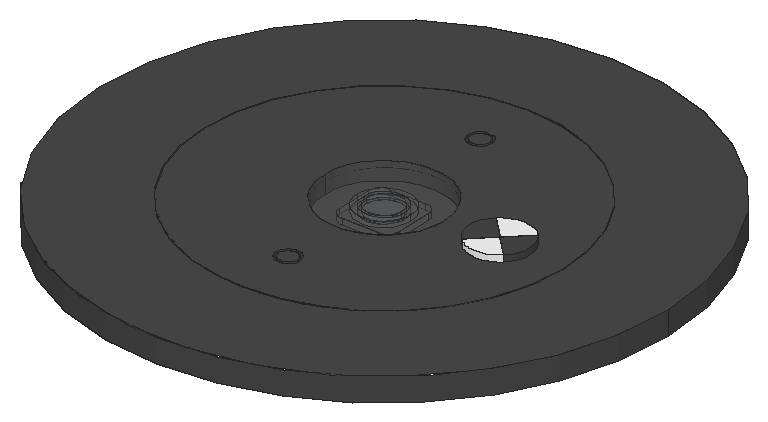
Revit family "Clevertronics_LIFELIGHT PRO RECESSED EMERGENCY_CIRCLE", category Lighting Fixtures, host Face, Revit 2020
Family settings
  Host = Face
  Round Connector Dimension = Use Diameter
  Part Type = Normal
  Cut with Voids When Loaded = No
  Light Source = Yes
  Shared = No
  Room Calculation Point = No
Parameters (values of type "CLIFE-4HR-BLK")
  calc_head radius [instance] = Clevertronics_Width / 2  # 30 mm
  calc_adaptor radius = Clevertronics_Width Adaptor / 2  # 47.5 mm
  Wattage = 2.06676 W
  built-in parameter 1150110 = 1 (stored number, unit not read)
  URL = "https://clevertronics.com.au/technical-documentation-search?combine=CLIFE-PRO-BLK"
  built-in parameter 1114217 = 1 (stored number, unit not read)
  Tilt Angle = -90.00°
  built-in parameter 1150109 = 1 (stored number, unit not read)
  built-in parameter 1150134 = (empty or 0)
  built-in parameter 1150113 = 1 (stored number, unit not read)
  Clevertronics_Width Adaptor = 95 mm  # constant formula
  Clevertronics_MIC Number = ""
  Clevertronics_Applicable Standards = "AS/NZS3820, CISPR15, AS/NZS2293.3"
  Clevertronics_Adaptor [instance] = yes
  Photometric Web File = "CLIFE-PRO _IESA_E_LL22009B_20190729.IES"
  Model = "CLIFE-4HR-BLK"
  Manufacturer = "Clevertronics"  # constant formula
  Manufacture_ANZRS = "Clevertronics"  # constant formula
  built-in parameter 1150105 = 307 (stored number, unit not read)
  Lumens = 307 lm
  built-in parameter 1150115 = 1 (stored number, unit not read)
  built-in parameter 1150137 = (empty or 0)
  built-in parameter 1150139 = (empty or 0)
  built-in parameter 1150112 = 1 (stored number, unit not read)
  built-in parameter 1150114 = 1 (stored number, unit not read)
  Lamp = "Dual LED (Lifetime warranty on the lamp head and loom assembly)"  # constant formula
  built-in parameter 1150132 = 2
  built-in parameter 1150102 = (empty or 0)
  built-in parameter 1150107 = 3000 (stored number, unit not read)
  built-in parameter 1150138 = (empty or 0)
  built-in parameter 1150106 = 3.07 (stored number, unit not read)
  Emit from Circle Diameter = 609.6 mm
  Emit Shape Visible in Rendering = no
  built-in parameter 1150104 = 13.8 (stored number, unit not read)
  Dimming Lamp Color Temperature Shift = <None>
  Description = ""
  Default Elevation = 1219.2 mm
  CreatedBy_ANZRS = ""
  Color Filter = 16777215
  Clevertronics_Width [instance] = 60 mm  # constant formula
  Clevertronics_Weight = "0.8kg"  # constant formula
  Clevertronics_Total Lumen Output = ""
  Clevertronics_Testing System = "CTP"
  Clevertronics_Testing Node = ""
  Clevertronics_Stacked Symbol Position [instance] = 1
  Clevertronics_Replacement Lamp = "8003081 LED: PCA: LLPRO HEAD Alum #CT10640-D4 - GW CSHPM 'LT'"  # constant formula
  Clevertronics_Replacement Driver = "CLIFE-PRO-CKIT-335"  # constant formula
  Clevertronics_Replacement Battery = "1550230 BATT:LP 3.2V 6400mAh.200mm lead.Brkt"  # constant formula
  Clevertronics_Product Description = "LP Premium Lifelight, High Performance, Recessed Emergency Light\r\nLP Premium Lifelight, High Performance, Recessed Emergency Light\r\nwith 4 Hour Emergency Operation"  # constant formula
  Clevertronics_Power Consumption = "0.7 Watts (Standby), 3.0 Watts (Max)"  # constant formula
  Clevertronics_Other Modules = ""
  Clevertronics_Operating Voltage = "240V AC; 50Hz"  # constant formula
  Clevertronics_Operating Temperature = "1˚C to 40˚C"  # constant formula
  Clevertronics_Operating Mode = "Non-maintained"  # constant formula
  Clevertronics_Mounting = "Recessed mount"  # constant formula
  Clevertronics_Material = Clevertronics_Plastic_Black
  Clevertronics_Inverter / Charger = ""
  Clevertronics_IP Rating = "IP20"  # constant formula
  Clevertronics_IK Rating = ""
  Clevertronics_Dimensions Main Enclosure = "232mm x 40mm x 40mm (Control pack)"  # constant formula
  Clevertronics_Dimensions LED Enclosure = "60mm head diameter (95mm with adaptor plate) "  # constant formula
  Clevertronics_Depth = 4 mm  # constant formula
  Clevertronics_Construction = "PC/ABS head"  # constant formula
  Clevertronics_Charger Method = "Intelligent current limited constant voltage"  # constant formula
  Clevertronics_Battery Type = "Lithium Iron Phosphate"  # constant formula
  Clevertronics_Battery = "3.2V 6400mAh"  # constant formula
  Clevertronics_Apparent Load = 240 VA * (3 / (1 * 240))  # 3 VA
  Clevertronics_Annotation Vertical Offset [instance] = 0 mm
  Clevertronics_Annotation Horizontal Offset [instance] = 0 mm
  Clevertronics_AS2293 Classification = "C0=D40 C90=D40"  # constant formula
  built-in parameter 1114218 = 1 (stored number, unit not read)
  built-in parameter 1150133 = 10 (stored number, unit not read)
Types (9, lengths in mm): name | URL | Clevertronics_MIC Number | Model | Description | Clevertronics_Testing System | Clevertronics_Testing Node | Clevertronics_Material
  (no name) | "https://clevertronics.com.au/technical-documentation-search?combine=CLIFE-PRO-BLK" | "" | "CLIFE-4HR-BLK" | "" | "CTP" | "" | Clevertronics_Plastic_Black
  CLIFE-HV-4HR-BLK | "https://clevertronics.com.au/technical-documentation-search?combine=CLIFE-PRO-BLK" | "AUD02810210001" | "CLIFE-HV-4HR-BLK" | "LP Premium Lifelight, High Performance, Recessed Emergency Light\r\nwith 4 Hour Emergency Operation, Black" | "Zoneworks XT HIVE (RF)" | "8003191" | Clevertronics_Plastic_Black
  CLIFE-HV-4HR | "https://clevertronics.com.au/emergency-lights/lifelight-recessed" | "AUD02810170001" | "CLIFE-HV-4HR" | "LP Premium Lifelight, High Performance, Recessed Emergency Light\r\nwith 4 Hour Emergency Operation" | "Zoneworks XT HIVE (RF)" | "8003191" | Clevertronics_Plastic_White
  CLIFE-DALI-4HR | "https://clevertronics.com.au/technical-documentation-search?combine=CLIFE-PRO-BLK" | "" | "CLIFE-DALI-4HR" | "" | "DALI" | "" | Clevertronics_Plastic_White
  CLIFE-4HR | "https://clevertronics.com.au/technical-documentation-search?combine=CLIFE-PRO-BLK" | "" | "CLIFE-4HR" | "" | "CTP" | "" | Clevertronics_Plastic_White
  CLIFE-ZW-4HR | "https://clevertronics.com.au/technical-documentation-search?combine=CLIFE-PRO-BLK" | "" | "CLIFE-ZW-4HR" | "" | "Zoneworks Powerline" | "" | Clevertronics_Plastic_White
  CLIFE-DALI-4HR-BLK | "https://clevertronics.com.au/technical-documentation-search?combine=CLIFE-PRO-BLK" | "" | "CLIFE-DALI-4HR-BLK" | "" | "DALI" | "" | Clevertronics_Plastic_Black
  CLIFE-4HR-BLK | "https://clevertronics.com.au/technical-documentation-search?combine=CLIFE-PRO-BLK" | "" | "CLIFE-4HR-BLK" | "" | "CTP" | "" | Clevertronics_Plastic_Black
  CLIFE-ZW-4HR-BLK | "https://clevertronics.com.au/technical-documentation-search?combine=CLIFE-PRO-BLK" | "" | "CLIFE-ZW-4HR-BLK" | "" | "Zoneworks Powerline" | "" | Clevertronics_Plastic_Black
Reference planes
  plane 1 "Center (Front/Back)": y = -67.559
  plane 2: z = 0
  plane 3 "Center (Left/Right)": x = 0
  plane 4: x = -30
  plane 5: x = 30
  plane 6: y = -37.559
  plane 7: y = -97.559
  plane 8: z = 4
Forms (mm)
  Extrusion 1, solid, material "Clevertronics_Plastic_Black" <- "Clevertronics_Material"
    sketch origin (0, 0, 0) x (1, 0, 0) y (0, 1, 0)
      loop
        circle (0, -67.559) r 30
    from 0 to 4
  Extrusion 2, void
    sketch origin (0, 0, 0) x (1, 0, 0) y (0, 1, 0)
      loop
        circle (0, -67.559) r 10
      loop
        circle (0, -87.559) r 2
      loop
        circle (0, -47.559) r 2
      loop
        circle (0, -47.559) r 1.5
      loop
        circle (0, -87.559) r 1.5
    from 1 to 4
  Extrusion 3, solid, material "Clevertronics_Frosted_Dark Blue"
    sketch origin (0, 0, 0) x (1, 0, 0) y (0, 1, 0)
      loop
        arc (-3, -62.559) -> (-4.414, -63.145) -> (-5, -64.559) r 2
        line (-5, -64.559) -> (-5, -70.559)
        arc (-5, -70.559) -> (-4.414, -71.973) -> (-3, -72.559) r 2
        line (-3, -72.559) -> (3, -72.559)
        arc (3, -72.559) -> (4.414, -71.973) -> (5, -70.559) r 2
        line (5, -70.559) -> (5, -64.559)
        arc (5, -64.559) -> (4.414, -63.145) -> (3, -62.559) r 2
        line (3, -62.559) -> (-3, -62.559)
    from 1 to 2
  Extrusion 4, solid, material "Clevertronics_Frosted_Dark Blue"
    sketch origin (0, 0, 0) x (1, 0, 0) y (0, 1, 0)
      loop
        circle (0, -67.559) r 3.5
      loop
        circle (0, -67.559) r 4.5
      loop
        circle (0, -67.559) r 3
    from 2 to 3
  Extrusion 5, solid, material "Clevertronics_Glass_Clear"
    sketch origin (0, 0, 0) x (1, 0, 0) y (0, 1, 0)
      loop
        circle (0, -67.559) r 10
    from 3 to 4
  Extrusion 6, solid, material "Clevertronics_Plastic_Black" <- "Clevertronics_Material", visible <- "Clevertronics_Adaptor"
    sketch origin (0, 0, 0) x (1, 0, 0) y (0, 1, 0)
      loop
        circle (0, -67.559) r 47.5
      loop
        circle (0, -67.559) r 30
    from 0 to 4
  Extrusion 7, solid, material "Clevertronics_Plastic_Glossy_Black"
    sketch origin (0, 0, 0) x (1, 0, 0) y (0, 1, 0)
      loop
        arc (15.737, -64.023) -> (14.272, -67.559) -> (15.737, -71.094) r 5
        line (15.737, -71.094) -> (19.272, -67.559) -> (15.737, -64.023)
    from 4 to 5
  Extrusion 8, solid, material "Clevertronics_Plastic_Glossy_Black"
    sketch origin (38.545, 0, 0) x (-1, 0, 0) y (0, -1, 0)
      loop
        line (15.737, 64.023) -> (19.272, 67.559) -> (15.737, 71.094)
        arc (15.737, 71.094) -> (14.272, 67.559) -> (15.737, 64.023) r 5
    from 4 to 5
  Extrusion 9, solid, material "Clevertronics_Plastic_Glossy_White"
    sketch origin (-48.286, -48.286, 0) x (0, -1, 0) y (1, 0, 0)
      loop
        line (15.737, 64.023) -> (19.272, 67.559) -> (15.737, 71.094)
        arc (15.737, 71.094) -> (14.272, 67.559) -> (15.737, 64.023) r 5
    from 4 to 5
  Extrusion 10, solid, material "Clevertronics_Plastic_Glossy_White"
    sketch origin (-48.286, -86.831, 0) x (0, 1, 0) y (-1, 0, 0)
      loop
        arc (15.737, -64.023) -> (14.272, -67.559) -> (15.737, -71.094) r 5
        line (15.737, -71.094) -> (19.272, -67.559) -> (15.737, -64.023)
    from 4 to 5
Cuts and joins
  Extrusion 2 cuts Extrusion 1
Dimensions and locks
  equal spacing: plane 4, plane 3 "Center (Left/Right)", plane 5
  "Clevertronics_Width": plane 4 to plane 5
  "Clevertronics_Depth": plane 8 to plane 2
  plane 3 "Center (Left/Right)" to Extrusion 6 sketch curve = 47.5 mm
  "calc_adaptor radius": plane 3 "Center (Left/Right)" to Extrusion 6 sketch curve
  "calc_head radius": plane 3 "Center (Left/Right)" to Extrusion 1 sketch curve
  aligned and locked: plane 2 to host face
  aligned and locked: level to host face
  aligned and locked: cut or joined group of Extrusion 1, Extrusion 2 to plane 8  (x2)
  aligned and locked: imposter light to plane 8
  aligned and locked: imposter light to Extrusion 6
  aligned and locked: plane 8 to Extrusion 10
  aligned and locked: plane 8 to Extrusion 7
  aligned and locked: plane 8 to Extrusion 8
  aligned and locked: plane 8 to Extrusion 9
Automatic sketch dimensions
  host sketch curve to host sketch curve = 2438.4 mm  (x2)
  Extrusion 2 sketch curve to Extrusion 2 sketch curve = 0 mm  (x12)
  Extrusion 2 sketch curve to plane 3 "Center (Left/Right)" = 0 mm  (x3)
  plane 1 "Center (Front/Back)" to Extrusion 2 sketch curve = 0 mm
  Extrusion 2 sketch curve to plane 7 = 10 mm
  plane 6 to Extrusion 2 sketch curve = 10 mm
  Extrusion 2 sketch curve to Extrusion 2 sketch curve = 1.5 mm  (x2)
  Extrusion 3 sketch curve to plane 1 "Center (Front/Back)" = 3 mm
  Extrusion 3 sketch curve to plane 3 "Center (Left/Right)" = 5 mm
  Extrusion 3 sketch curve to Extrusion 3 sketch curve = 2 mm  (x3)
  plane 3 "Center (Left/Right)" to Extrusion 3 sketch curve = 3 mm  (x2)
  plane 1 "Center (Front/Back)" to Extrusion 3 sketch curve = 3 mm
  Extrusion 4 sketch curve to Extrusion 4 sketch curve = 0 mm  (x6)
  plane 1 "Center (Front/Back)" to Extrusion 4 sketch curve = 0 mm
  Extrusion 4 sketch curve to plane 3 "Center (Left/Right)" = 0 mm
  plane 1 "Center (Front/Back)" to Extrusion 5 sketch curve = 0 mm
  Extrusion 5 sketch curve to plane 3 "Center (Left/Right)" = 0 mm
  plane 1 "Center (Front/Back)" to Extrusion 7 sketch curve = 0 mm  (x2)
  plane 1 "Center (Front/Back)" to Extrusion 7 sketch curve = 3.536 mm
  Extrusion 7 sketch curve to plane 5 = 14.263 mm
  Extrusion 7 sketch curve to plane 1 "Center (Front/Back)" = 3.536 mm
  Extrusion 7 sketch curve to Extrusion 7 sketch curve = 0 mm
  plane 1 "Center (Front/Back)" to Extrusion 8 sketch curve = 0 mm  (x2)
  plane 5 to Extrusion 8 sketch curve = 7.192 mm
  plane 1 "Center (Front/Back)" to Extrusion 8 sketch curve = 3.536 mm
  Extrusion 8 sketch curve to Extrusion 8 sketch curve = 3.536 mm
  Extrusion 8 sketch curve to Extrusion 8 sketch curve = 0 mm
  plane 1 "Center (Front/Back)" to Extrusion 9 sketch curve = 0 mm  (x2)
  Extrusion 9 sketch curve to plane 1 "Center (Front/Back)" = 3.536 mm  (x2)
  Extrusion 9 sketch curve to plane 5 = 14.263 mm
  Extrusion 9 sketch curve to Extrusion 9 sketch curve = 0 mm
  plane 1 "Center (Front/Back)" to Extrusion 10 sketch curve = 0 mm  (x2)
  plane 1 "Center (Front/Back)" to Extrusion 10 sketch curve = 3.536 mm  (x2)
  Extrusion 10 sketch curve to plane 5 = 7.192 mm
  Extrusion 10 sketch curve to Extrusion 10 sketch curve = 0 mm
  plane 1 "Center (Front/Back)" to Extrusion 1 sketch curve = 0 mm
  Extrusion 1 sketch curve to plane 3 "Center (Left/Right)" = 0 mm
  Extrusion 6 sketch curve to Extrusion 6 sketch curve = 0 mm  (x2)
  plane 1 "Center (Front/Back)" to Extrusion 6 sketch curve = 0 mm
  Extrusion 6 sketch curve to plane 3 "Center (Left/Right)" = 0 mm
  radius of Extrusion 2 sketch curve = 10 mm
  radius of Extrusion 2 sketch curve = 2 mm  (x2)
  radius of Extrusion 4 sketch curve = 3.5 mm
  radius of Extrusion 4 sketch curve = 4.5 mm
  radius of Extrusion 4 sketch curve = 3 mm
  radius of Extrusion 5 sketch curve = 10 mm
  radius of Extrusion 6 sketch curve = 30 mm
Nested families
  nested 1: "X_Symbol_Emergency Light" at (0, -67.559, 0), type "X_Symbol_Emergency Light"
    with Symbol_Fill yes, Number Visible yes
Connectors
  electrical at (0, -67.559, 0), driven by "Clevertronics_Apparent Load"
    settings: on Extrusion 6, index 1, voltage 240 V, apparent load 0 VA, apparent load phase1 3 VA, apparent load phase2 0 VA, apparent load phase3 0 VA, power factor 1, load classification "Lighting", number of poles 1, system type 31, power factor state 1, is connector primary yes, connector utility no, sub classification motor no, connector description ""
Definition of nested family "X_Symbol_Emergency Light"
  Parameters (values of type "X_Symbol_Emergency Light")
    Text = ""
    Symbol_Fill [instance] = yes
    Stacked_Symbol_Position = 1
    Offset_Y_Positive = if(Annotation_Vertical_Offset > 0 mm, Annotation_Vertical_Offset, 0 mm) + Annotation_Offset  # 0 mm
    Offset_Y_Negative = if(Annotation_Vertical_Offset < 0 mm, -Annotation_Vertical_Offset, 0 mm)  # 0 mm
    Offset_X_Positive = if(Annotation_Horizontal_Offset > 0 mm, Annotation_Horizontal_Offset, 0 mm)  # 0 mm
    Offset_X_Negative = if(Annotation_Horizontal_Offset < 0 mm, -Annotation_Horizontal_Offset, 0 mm)  # 0 mm
    Number Visible [instance] = yes
    Annotation_Vertical_Offset = 0 mm
    Annotation_Offset = 0 mm
    Annotation_Horizontal_Offset = 0 mm
  Reference planes
    plane 1: y = 0
    plane 2: x = 0
  Lines and regions (mm)
    reference lines
      curve 1: line (-5.856, 0, 0) -> (1.664, 0, 0)
      curve 2: line (-4.91, 0, 0) -> (2.61, 0, 0)
      curve 3: line (0, -4.189, 0) -> (0, -5.906, 0)
      curve 4: line (0, -1.565, 0) -> (0, -3.282, 0)
  Dimensions and locks
    "Offset_X_Negative": curve 3 to plane 2
    "Offset_X_Positive": curve 3 to curve 4
    "Offset_Y_Negative": curve 2 to plane 1
    "Offset_Y_Positive": curve 2 to curve 1
    aligned and locked: curve 4 to nested 1
    aligned and locked: curve 1 to nested 1
  Automatic sketch dimensions
    curve 2 to plane 2 = 4.91 mm
    curve 1 to curve 2 = 0.946 mm  (x2)
    plane 2 to curve 1 = 1.664 mm
    plane 1 to curve 4 = 1.565 mm
    curve 4 to curve 4 = 1.718 mm
    curve 3 to curve 4 = 0.906 mm
    curve 3 to curve 3 = 1.718 mm
  Nested families
    nested 1: "Emergency Light" at (0, 0, 0), Symbol_Fill <- "Symbol_Fill", type "Standard"
  Definition of nested family "Emergency Light"
    Parameters (values of type "Standard")
      Symbol_Fill [instance] = yes
    Reference planes
      plane 1: y = 0
      plane 2: x = 0
    Lines and regions (mm)
      Filled region 1, type "Filled region 1"
        outline origin (0, 0, 0) x (1, 0, 0) y (0, 1, 0)
          loop
            arc (-0.718, 0.718) -> (-1.016, 0) -> (-0.718, -0.718) r 1.016
            line (-0.718, -0.718) -> (0, 0) -> (-0.718, 0.718)
      Filled region 2, type "Filled region 1"
        outline origin (0, 0, 0) x (0, 1, 0) y (-1, 0, 0)
          loop
            line (0.718, -0.718) -> (0, 0) -> (-0.718, -0.718)
            arc (-0.718, -0.718) -> (0, -1.016) -> (0.718, -0.718) r 1.016
      detail lines
        curve 1: circle (0, 0, 0) r 1.016 normal (0, 0, 1)
        curve 2: line (-0.718, 0.718, 0) -> (0.718, -0.718, 0)
        curve 3: line (0.718, 0.718, 0) -> (-0.718, -0.718, 0)
